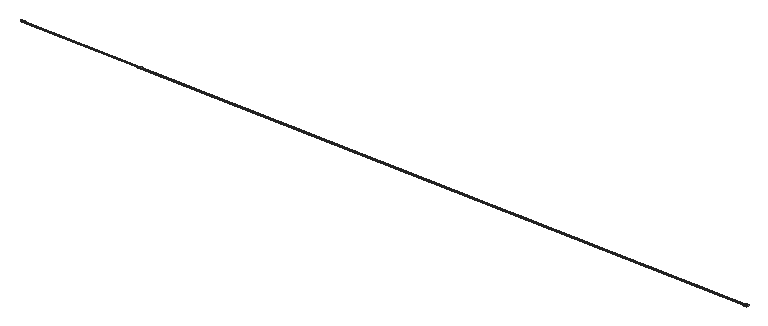
Revit family "Flex Pro IP65_0068179-82", category Lighting Fixtures, host Face, Revit 2017
Family settings
  Host = Face
  Round Connector Dimension = Use Diameter
  Part Type = Normal
  OmniClass Number = 23.80.70.00
  OmniClass Title = Lighting
  Cut with Voids When Loaded = No
  Light Source = Yes
  Shared = No
  Room Calculation Point = No
Parameters (values of type "0068181 FLEX PRO IP65 4800LM 940")
  Weight = "2.0 kg"
  Wattage Comments = ""
  Wattage = 48 W
  WarrantyStartDate [instance] = "n/a"
  WarrantyGuarantorParts = "n/a"
  WarrantyDurationUnit = "n/a"
  WarrantyDurationParts = "n/a"
  WarrantyDescription = "n/a"
  built-in parameter 1150110 = 1 (stored number, unit not read)
  Voltage = 0 V
  URL = "http://www.sylvania-lighting.com"
  TypeName = "Flex Pro IP65 4800lm 940"
  Type Image = <None>
  Type Comments = "n/a"
  built-in parameter 1114217 = 1 (stored number, unit not read)
  Tilt Angle = -90.00°
  built-in parameter 1150109 = 1 (stored number, unit not read)
  built-in parameter 1150134 = 12
  built-in parameter 1150113 = 1 (stored number, unit not read)
  SerialNumber [instance] = "n/a"
  Photometric Web File = "0068181.ies"
  PHOTOMETRY3_SYL = 0 mm
  PHOTOMETRY2_SYL = LUM_WIDTH_SYL  # 5 mm
  PHOTOMETRY1_SYL = LUM_LENGHT_SYL / 2  # 2500 mm
  Material_3_SYL = Default New Material(1)
  PowerFactor = 0
  PowerConsumption = "48 W"
  NominalLength = 5000 mm
  NominalHeight = 4 mm
  NominalDepth = 12 mm
  Name = "Flex Pro IP65 4800lm 940"
  ModelReference = Name  # "Flex Pro IP65 4800lm 940"
  ModelNumber = "0068181"
  Model = Name  # "Flex Pro IP65 4800lm 940"
  Material = "other housing"
  ManufacturerName = "Feilo Sylvania"
  Manufacturer = "Feilo Sylvania"
  LuminousEfficacy = "100 lm/W"
  built-in parameter 1150105 = 381.97 (stored number, unit not read)
  Lumens = 4800 lm
  LuminaireType = ""
  built-in parameter 1150115 = 1 (stored number, unit not read)
  LightOutputRatio = "n/a"
  built-in parameter 1150137 = (empty or 0)
  built-in parameter 1150139 = (empty or 0)
  LampsType = Lamp  # "LED"
  LampNominalLuminous = "4800 lm"
  LampMacAdamStep = "n/a"
  LampColourTemperature = "4000 K"
  LampColourRenderingIndex = "90"
  built-in parameter 1150112 = 1 (stored number, unit not read)
  built-in parameter 1150114 = 1 (stored number, unit not read)
  Lamp = "LED"
  LUM_WIDTH_SYL = 5 mm
  LUM_LENGHT_SYL!!!! = "MUST BE DIVISIBLE WITH 50"
  LUM_LENGHT_SYL = 5000 mm  # constant formula
  LED_CH_S_WIDTH_SYL = 1.5 mm
  LED_CH_S_DEPTH2_SYL = 1 mm
  LED_CH_S_DEPTH1_SYL = 1.1 mm
  LED_CH_L_WIDTH_SYL = 1.7 mm
  LED_CH_L_DIST_SYL = 8.3 mm
  LED_CH_L_DIST1_SYL = 6 mm
  LED_CH_L_DEPTH_SYL = 1.4 mm
  Keynote = "16500"
  InstallationDate [instance] = "n/a"
  InputVoltage = "n/a"
  InputNominalFrequency = "n/a"
  built-in parameter 1150132 = (empty or 0)
  built-in parameter 1150102 = (empty or 0)
  built-in parameter 1150107 = 4000 (stored number, unit not read)
  built-in parameter 1150138 = (empty or 0)
  IngressProtection = "IP65"
  ImpactProtectionIndex = "IK00"
  built-in parameter 1150106 = 3.8197 (stored number, unit not read)
  IfcExportType = "IfcLightFixtureType"
  IfcExportAs = "IfcLightFixtureType"
  Emit from Circle Diameter = 609.6 mm
  Emit Shape Visible in Rendering = no
  ElectricShockClassification = "Class III"
  built-in parameter 1150104 = 9.2903 (stored number, unit not read)
  END_CAP_WIDTH_SYL = 7 mm
  END_CAP2_WIDTH_SYL = 10 mm
  DocumentationLiterature = "http://www.sylvania-lighting.com/product/en-int/products/0068181"
  DimmingControlOptions = "n/a"
  Material_2_SYL = Default New Material
  Dimming Lamp Color Temperature Shift = <None>
  Description = ""
  Default Elevation = 1219.2 mm
  CreatedOn = "10/16/2020"
  CreatedBy = "@sylvania-lighting.com"
  Cost = 0
  Color Filter = 16777215
  built-in parameter 1114216 [instance] = (empty or 0)
  ClassificationValue = "EF_70_80"
  ClassificationName = "Uniclass2015"
  Material_1_SYL = Default
  CABLE_LENGHT_SYL = 1000 mm
  CABLE_FIX_SYL = 1 mm
  CABLE_END_SYL = 15 mm
  CABLE_DIST_SYL = 1.5 mm
  CABLE_DIST2_SYL = 1.5 mm
  CABLE_BLEND_SYL = 15 mm
  BarCode [instance] = "n/a"
  built-in parameter 1114218 = 1 (stored number, unit not read)
  built-in parameter 1150133 = 10 (stored number, unit not read)
  AssetType = "Fixed"
  AssetIdentifier [instance] = "n/a"
  Assembly Code = "D5020200"
  Apparent Load = 48 VA
  Material_4_SYL = none
Reference planes
  plane 1 "Center (Front/Back)": y = 0
  plane 2: z = 0
  plane 3 "Center (Left/Right)": x = 0
  plane 4: x = 5000
  plane 5: y = 5
  plane 6: y = -5
  plane 7: x = 1
  plane 8: x = -1000
  plane 9: x = -15
  plane 10: x = -985
  plane 11: y = 1.5
  plane 12: y = -1.5
  plane 13: y = 3.5
  plane 14: y = -3.5
  plane 15: y = 1.7
  plane 16: y = -1.7
  plane 17: y = 1.5
  plane 18: y = -1.5
  plane 19: x = 6
  plane 20: x = 14.3
  plane 21: x = 22.6
  plane 22: x = 30.9
  plane 23: x = 39.2
  plane 24: x = 47.5
  plane 25: x = 7.4
  plane 26: x = 4.6
  plane 27: x = 15.7
  plane 28: x = 12.9
  plane 29: x = 24
  plane 30: x = 21.2
  plane 31: x = 32.3
  plane 32: x = 29.5
  plane 33: x = 37.8
  plane 34: x = 40.6
  plane 35: x = 46.1
  plane 36: x = 48.9
  plane 37: x = 10.1
  plane 38: x = 18.4
  plane 39: x = 26.7
  plane 40: x = 35
  plane 41: x = 43.3
  plane 42: x = 9.1
  plane 43: x = 11.2
  plane 44: x = 17.4
  plane 45: x = 19.5
  plane 46: x = 44.4
  plane 47: x = 42.3
  plane 48: x = 36.1
  plane 49: x = 34
  plane 50: y = 7
  plane 51: y = -7
  plane 52: x = 5010
  plane 53: y = -6
  plane 54: y = 6
Forms (mm)
  Extrusion 1, solid, material "Default New Material" <- "Material_2_SYL"
    sketch origin (0, 0, 0) x (1, 0, 0) y (0, 1, 0)
      loop
        line (0, 5) -> (0, -5) -> (5000, -5) -> (5000, 5) -> (0, 5)
    from -0.9 to -1.2
  Sweep 2, solid, material "Default" <- "Material_1_SYL"
    path origin (0, 0, 0) x (1, 0, 0) y (0, 1, 0)
      loop
        line (-15, 1.5) -> (-985, 1.5)
    profile origin (-500, 1.5, 0) x (0, -1, 0) y (0, 0, 1)
      loop
        circle (0, 0) r 1.399
  Sweep 3, solid, material "Default" <- "Material_1_SYL"
    path origin (0, 0, 0) x (1, 0, 0) y (0, 1, 0)
      loop
        line (-15, -1.5) -> (-985, -1.5)
    profile origin (-500, -1.5, 0) x (0, -1, 0) y (0, 0, 1)
      loop
        circle (0, 0) r 1.353
  Revolve 4, solid
    sketch origin (0, 0, 0) x (1, 0, 0) y (0, 1, 0)
      loop
        line (-985, 1.5) -> (-985, 2.444) -> (-1000, 2.444) -> (-1000, 1.5) -> (-985, 1.5)
      axis (-985, 1.5) -> (-1000, 1.5)
    angle from 360 to 0
  Revolve 5, solid
    sketch origin (0, 0, 0) x (1, 0, 0) y (0, 1, 0)
      loop
        line (-985, -1.5) -> (-1000, -1.5) -> (-1000, -2.423) -> (-985, -2.423) -> (-985, -1.5)
      axis (-985, -1.5) -> (-1000, -1.5)
    angle from 360 to 0
  Extrusion 6, solid
    sketch origin (0, 0, 0) x (1, 0, 0) y (0, 1, 0)
      loop
        line (7.4, -1.7) -> (7.4, 1.7) -> (4.6, 1.7) -> (4.6, -1.7) -> (7.4, -1.7)
      loop
        line (15.7, -1.7) -> (15.7, 1.7) -> (12.9, 1.7) -> (12.9, -1.7) -> (15.7, -1.7)
      loop
        line (21.2, 1.7) -> (21.2, -1.7) -> (24, -1.7) -> (24, 1.7) -> (21.2, 1.7)
      loop
        line (32.3, -1.7) -> (32.3, 1.7) -> (29.5, 1.7) -> (29.5, -1.7) -> (32.3, -1.7)
      loop
        line (40.6, -1.7) -> (40.6, 1.7) -> (37.8, 1.7) -> (37.8, -1.7) -> (40.6, -1.7)
      loop
        line (48.9, -1.7) -> (48.9, 1.7) -> (46.1, 1.7) -> (46.1, -1.7) -> (48.9, -1.7)
    from -1.2 to 0
  Extrusion 7, solid
    sketch origin (0, 0, 0) x (1, 0, 0) y (0, 1, 0)
      loop
        line (9.1, 1.5) -> (9.1, -1.5) -> (11.2, -1.5) -> (11.2, 1.5) -> (9.1, 1.5)
      loop
        line (17.4, 1.5) -> (17.4, -1.5) -> (19.5, -1.5) -> (19.5, 1.5) -> (17.4, 1.5)
      loop
        line (34, 1.5) -> (34, -1.5) -> (36.1, -1.5) -> (36.1, 1.5) -> (34, 1.5)
      loop
        line (42.3, 1.5) -> (42.3, -1.5) -> (44.4, -1.5) -> (44.4, 1.5) -> (42.3, 1.5)
    from -1.2 to -0.5
  Extrusion 8, solid
    sketch origin (4946.4, 0, 0) x (1, 0, 0) y (0, 1, 0)
      loop
        line (7.4, -1.7) -> (7.4, 1.7) -> (4.6, 1.7) -> (4.6, -1.7) -> (7.4, -1.7)
      loop
        line (15.7, -1.7) -> (15.7, 1.7) -> (12.9, 1.7) -> (12.9, -1.7) -> (15.7, -1.7)
      loop
        line (21.2, 1.7) -> (21.2, -1.7) -> (24, -1.7) -> (24, 1.7) -> (21.2, 1.7)
      loop
        line (32.3, -1.7) -> (32.3, 1.7) -> (29.5, 1.7) -> (29.5, -1.7) -> (32.3, -1.7)
      loop
        line (40.6, -1.7) -> (40.6, 1.7) -> (37.8, 1.7) -> (37.8, -1.7) -> (40.6, -1.7)
      loop
        line (48.9, -1.7) -> (48.9, 1.7) -> (46.1, 1.7) -> (46.1, -1.7) -> (48.9, -1.7)
    from -1.2 to 0
  Extrusion 9, solid
    sketch origin (49.964, 0, 0) x (1, 0, 0) y (0, 1, 0)
      loop
        line (7.4, -1.7) -> (7.4, 1.7) -> (4.6, 1.7) -> (4.6, -1.7) -> (7.4, -1.7)
      loop
        line (15.7, -1.7) -> (15.7, 1.7) -> (12.9, 1.7) -> (12.9, -1.7) -> (15.7, -1.7)
      loop
        line (21.2, 1.7) -> (21.2, -1.7) -> (24, -1.7) -> (24, 1.7) -> (21.2, 1.7)
      loop
        line (32.3, -1.7) -> (32.3, 1.7) -> (29.5, 1.7) -> (29.5, -1.7) -> (32.3, -1.7)
      loop
        line (40.6, -1.7) -> (40.6, 1.7) -> (37.8, 1.7) -> (37.8, -1.7) -> (40.6, -1.7)
      loop
        line (48.9, -1.7) -> (48.9, 1.7) -> (46.1, 1.7) -> (46.1, -1.7) -> (48.9, -1.7)
    from -1.2 to 0
  Extrusion 10, solid
    sketch origin (99.927, 0, 0) x (1, 0, 0) y (0, 1, 0)
      loop
        line (7.4, -1.7) -> (7.4, 1.7) -> (4.6, 1.7) -> (4.6, -1.7) -> (7.4, -1.7)
      loop
        line (15.7, -1.7) -> (15.7, 1.7) -> (12.9, 1.7) -> (12.9, -1.7) -> (15.7, -1.7)
      loop
        line (21.2, 1.7) -> (21.2, -1.7) -> (24, -1.7) -> (24, 1.7) -> (21.2, 1.7)
      loop
        line (32.3, -1.7) -> (32.3, 1.7) -> (29.5, 1.7) -> (29.5, -1.7) -> (32.3, -1.7)
      loop
        line (40.6, -1.7) -> (40.6, 1.7) -> (37.8, 1.7) -> (37.8, -1.7) -> (40.6, -1.7)
      loop
        line (48.9, -1.7) -> (48.9, 1.7) -> (46.1, 1.7) -> (46.1, -1.7) -> (48.9, -1.7)
    from -1.2 to 0
  Extrusion 11, solid
    sketch origin (149.891, 0, 0) x (1, 0, 0) y (0, 1, 0)
      loop
        line (7.4, -1.7) -> (7.4, 1.7) -> (4.6, 1.7) -> (4.6, -1.7) -> (7.4, -1.7)
      loop
        line (15.7, -1.7) -> (15.7, 1.7) -> (12.9, 1.7) -> (12.9, -1.7) -> (15.7, -1.7)
      loop
        line (21.2, 1.7) -> (21.2, -1.7) -> (24, -1.7) -> (24, 1.7) -> (21.2, 1.7)
      loop
        line (32.3, -1.7) -> (32.3, 1.7) -> (29.5, 1.7) -> (29.5, -1.7) -> (32.3, -1.7)
      loop
        line (40.6, -1.7) -> (40.6, 1.7) -> (37.8, 1.7) -> (37.8, -1.7) -> (40.6, -1.7)
      loop
        line (48.9, -1.7) -> (48.9, 1.7) -> (46.1, 1.7) -> (46.1, -1.7) -> (48.9, -1.7)
    from -1.2 to 0
  Extrusion 12, solid
    sketch origin (199.855, 0, 0) x (1, 0, 0) y (0, 1, 0)
      loop
        line (7.4, -1.7) -> (7.4, 1.7) -> (4.6, 1.7) -> (4.6, -1.7) -> (7.4, -1.7)
      loop
        line (15.7, -1.7) -> (15.7, 1.7) -> (12.9, 1.7) -> (12.9, -1.7) -> (15.7, -1.7)
      loop
        line (21.2, 1.7) -> (21.2, -1.7) -> (24, -1.7) -> (24, 1.7) -> (21.2, 1.7)
      loop
        line (32.3, -1.7) -> (32.3, 1.7) -> (29.5, 1.7) -> (29.5, -1.7) -> (32.3, -1.7)
      loop
        line (40.6, -1.7) -> (40.6, 1.7) -> (37.8, 1.7) -> (37.8, -1.7) -> (40.6, -1.7)
      loop
        line (48.9, -1.7) -> (48.9, 1.7) -> (46.1, 1.7) -> (46.1, -1.7) -> (48.9, -1.7)
    from -1.2 to 0
  Extrusion 13, solid
    sketch origin (249.818, 0, 0) x (1, 0, 0) y (0, 1, 0)
      loop
        line (7.4, -1.7) -> (7.4, 1.7) -> (4.6, 1.7) -> (4.6, -1.7) -> (7.4, -1.7)
      loop
        line (15.7, -1.7) -> (15.7, 1.7) -> (12.9, 1.7) -> (12.9, -1.7) -> (15.7, -1.7)
      loop
        line (21.2, 1.7) -> (21.2, -1.7) -> (24, -1.7) -> (24, 1.7) -> (21.2, 1.7)
      loop
        line (32.3, -1.7) -> (32.3, 1.7) -> (29.5, 1.7) -> (29.5, -1.7) -> (32.3, -1.7)
      loop
        line (40.6, -1.7) -> (40.6, 1.7) -> (37.8, 1.7) -> (37.8, -1.7) -> (40.6, -1.7)
      loop
        line (48.9, -1.7) -> (48.9, 1.7) -> (46.1, 1.7) -> (46.1, -1.7) -> (48.9, -1.7)
    from -1.2 to 0
  Extrusion 14, solid
    sketch origin (299.782, 0, 0) x (1, 0, 0) y (0, 1, 0)
      loop
        line (7.4, -1.7) -> (7.4, 1.7) -> (4.6, 1.7) -> (4.6, -1.7) -> (7.4, -1.7)
      loop
        line (15.7, -1.7) -> (15.7, 1.7) -> (12.9, 1.7) -> (12.9, -1.7) -> (15.7, -1.7)
      loop
        line (21.2, 1.7) -> (21.2, -1.7) -> (24, -1.7) -> (24, 1.7) -> (21.2, 1.7)
      loop
        line (32.3, -1.7) -> (32.3, 1.7) -> (29.5, 1.7) -> (29.5, -1.7) -> (32.3, -1.7)
      loop
        line (40.6, -1.7) -> (40.6, 1.7) -> (37.8, 1.7) -> (37.8, -1.7) -> (40.6, -1.7)
      loop
        line (48.9, -1.7) -> (48.9, 1.7) -> (46.1, 1.7) -> (46.1, -1.7) -> (48.9, -1.7)
    from -1.2 to 0
  Extrusion 15, solid
    sketch origin (349.745, 0, 0) x (1, 0, 0) y (0, 1, 0)
      loop
        line (7.4, -1.7) -> (7.4, 1.7) -> (4.6, 1.7) -> (4.6, -1.7) -> (7.4, -1.7)
      loop
        line (15.7, -1.7) -> (15.7, 1.7) -> (12.9, 1.7) -> (12.9, -1.7) -> (15.7, -1.7)
      loop
        line (21.2, 1.7) -> (21.2, -1.7) -> (24, -1.7) -> (24, 1.7) -> (21.2, 1.7)
      loop
        line (32.3, -1.7) -> (32.3, 1.7) -> (29.5, 1.7) -> (29.5, -1.7) -> (32.3, -1.7)
      loop
        line (40.6, -1.7) -> (40.6, 1.7) -> (37.8, 1.7) -> (37.8, -1.7) -> (40.6, -1.7)
      loop
        line (48.9, -1.7) -> (48.9, 1.7) -> (46.1, 1.7) -> (46.1, -1.7) -> (48.9, -1.7)
    from -1.2 to 0
  Extrusion 16, solid
    sketch origin (399.709, 0, 0) x (1, 0, 0) y (0, 1, 0)
      loop
        line (7.4, -1.7) -> (7.4, 1.7) -> (4.6, 1.7) -> (4.6, -1.7) -> (7.4, -1.7)
      loop
        line (15.7, -1.7) -> (15.7, 1.7) -> (12.9, 1.7) -> (12.9, -1.7) -> (15.7, -1.7)
      loop
        line (21.2, 1.7) -> (21.2, -1.7) -> (24, -1.7) -> (24, 1.7) -> (21.2, 1.7)
      loop
        line (32.3, -1.7) -> (32.3, 1.7) -> (29.5, 1.7) -> (29.5, -1.7) -> (32.3, -1.7)
      loop
        line (40.6, -1.7) -> (40.6, 1.7) -> (37.8, 1.7) -> (37.8, -1.7) -> (40.6, -1.7)
      loop
        line (48.9, -1.7) -> (48.9, 1.7) -> (46.1, 1.7) -> (46.1, -1.7) -> (48.9, -1.7)
    from -1.2 to 0
  Extrusion 17, solid
    sketch origin (449.673, 0, 0) x (1, 0, 0) y (0, 1, 0)
      loop
        line (7.4, -1.7) -> (7.4, 1.7) -> (4.6, 1.7) -> (4.6, -1.7) -> (7.4, -1.7)
      loop
        line (15.7, -1.7) -> (15.7, 1.7) -> (12.9, 1.7) -> (12.9, -1.7) -> (15.7, -1.7)
      loop
        line (21.2, 1.7) -> (21.2, -1.7) -> (24, -1.7) -> (24, 1.7) -> (21.2, 1.7)
      loop
        line (32.3, -1.7) -> (32.3, 1.7) -> (29.5, 1.7) -> (29.5, -1.7) -> (32.3, -1.7)
      loop
        line (40.6, -1.7) -> (40.6, 1.7) -> (37.8, 1.7) -> (37.8, -1.7) -> (40.6, -1.7)
      loop
        line (48.9, -1.7) -> (48.9, 1.7) -> (46.1, 1.7) -> (46.1, -1.7) -> (48.9, -1.7)
    from -1.2 to 0
  Extrusion 18, solid
    sketch origin (499.636, 0, 0) x (1, 0, 0) y (0, 1, 0)
      loop
        line (7.4, -1.7) -> (7.4, 1.7) -> (4.6, 1.7) -> (4.6, -1.7) -> (7.4, -1.7)
      loop
        line (15.7, -1.7) -> (15.7, 1.7) -> (12.9, 1.7) -> (12.9, -1.7) -> (15.7, -1.7)
      loop
        line (21.2, 1.7) -> (21.2, -1.7) -> (24, -1.7) -> (24, 1.7) -> (21.2, 1.7)
      loop
        line (32.3, -1.7) -> (32.3, 1.7) -> (29.5, 1.7) -> (29.5, -1.7) -> (32.3, -1.7)
      loop
        line (40.6, -1.7) -> (40.6, 1.7) -> (37.8, 1.7) -> (37.8, -1.7) -> (40.6, -1.7)
      loop
        line (48.9, -1.7) -> (48.9, 1.7) -> (46.1, 1.7) -> (46.1, -1.7) -> (48.9, -1.7)
    from -1.2 to 0
  Extrusion 19, solid
    sketch origin (549.6, 0, 0) x (1, 0, 0) y (0, 1, 0)
      loop
        line (7.4, -1.7) -> (7.4, 1.7) -> (4.6, 1.7) -> (4.6, -1.7) -> (7.4, -1.7)
      loop
        line (15.7, -1.7) -> (15.7, 1.7) -> (12.9, 1.7) -> (12.9, -1.7) -> (15.7, -1.7)
      loop
        line (21.2, 1.7) -> (21.2, -1.7) -> (24, -1.7) -> (24, 1.7) -> (21.2, 1.7)
      loop
        line (32.3, -1.7) -> (32.3, 1.7) -> (29.5, 1.7) -> (29.5, -1.7) -> (32.3, -1.7)
      loop
        line (40.6, -1.7) -> (40.6, 1.7) -> (37.8, 1.7) -> (37.8, -1.7) -> (40.6, -1.7)
      loop
        line (48.9, -1.7) -> (48.9, 1.7) -> (46.1, 1.7) -> (46.1, -1.7) -> (48.9, -1.7)
    from -1.2 to 0
  Extrusion 20, solid
    sketch origin (599.564, 0, 0) x (1, 0, 0) y (0, 1, 0)
      loop
        line (7.4, -1.7) -> (7.4, 1.7) -> (4.6, 1.7) -> (4.6, -1.7) -> (7.4, -1.7)
      loop
        line (15.7, -1.7) -> (15.7, 1.7) -> (12.9, 1.7) -> (12.9, -1.7) -> (15.7, -1.7)
      loop
        line (21.2, 1.7) -> (21.2, -1.7) -> (24, -1.7) -> (24, 1.7) -> (21.2, 1.7)
      loop
        line (32.3, -1.7) -> (32.3, 1.7) -> (29.5, 1.7) -> (29.5, -1.7) -> (32.3, -1.7)
      loop
        line (40.6, -1.7) -> (40.6, 1.7) -> (37.8, 1.7) -> (37.8, -1.7) -> (40.6, -1.7)
      loop
        line (48.9, -1.7) -> (48.9, 1.7) -> (46.1, 1.7) -> (46.1, -1.7) -> (48.9, -1.7)
    from -1.2 to 0
  Extrusion 21, solid
    sketch origin (649.527, 0, 0) x (1, 0, 0) y (0, 1, 0)
      loop
        line (7.4, -1.7) -> (7.4, 1.7) -> (4.6, 1.7) -> (4.6, -1.7) -> (7.4, -1.7)
      loop
        line (15.7, -1.7) -> (15.7, 1.7) -> (12.9, 1.7) -> (12.9, -1.7) -> (15.7, -1.7)
      loop
        line (21.2, 1.7) -> (21.2, -1.7) -> (24, -1.7) -> (24, 1.7) -> (21.2, 1.7)
      loop
        line (32.3, -1.7) -> (32.3, 1.7) -> (29.5, 1.7) -> (29.5, -1.7) -> (32.3, -1.7)
      loop
        line (40.6, -1.7) -> (40.6, 1.7) -> (37.8, 1.7) -> (37.8, -1.7) -> (40.6, -1.7)
      loop
        line (48.9, -1.7) -> (48.9, 1.7) -> (46.1, 1.7) -> (46.1, -1.7) -> (48.9, -1.7)
    from -1.2 to 0
  Extrusion 22, solid
    sketch origin (699.491, 0, 0) x (1, 0, 0) y (0, 1, 0)
      loop
        line (7.4, -1.7) -> (7.4, 1.7) -> (4.6, 1.7) -> (4.6, -1.7) -> (7.4, -1.7)
      loop
        line (15.7, -1.7) -> (15.7, 1.7) -> (12.9, 1.7) -> (12.9, -1.7) -> (15.7, -1.7)
      loop
        line (21.2, 1.7) -> (21.2, -1.7) -> (24, -1.7) -> (24, 1.7) -> (21.2, 1.7)
      loop
        line (32.3, -1.7) -> (32.3, 1.7) -> (29.5, 1.7) -> (29.5, -1.7) -> (32.3, -1.7)
      loop
        line (40.6, -1.7) -> (40.6, 1.7) -> (37.8, 1.7) -> (37.8, -1.7) -> (40.6, -1.7)
      loop
        line (48.9, -1.7) -> (48.9, 1.7) -> (46.1, 1.7) -> (46.1, -1.7) -> (48.9, -1.7)
    from -1.2 to 0
  Extrusion 23, solid
    sketch origin (749.455, 0, 0) x (1, 0, 0) y (0, 1, 0)
      loop
        line (7.4, -1.7) -> (7.4, 1.7) -> (4.6, 1.7) -> (4.6, -1.7) -> (7.4, -1.7)
      loop
        line (15.7, -1.7) -> (15.7, 1.7) -> (12.9, 1.7) -> (12.9, -1.7) -> (15.7, -1.7)
      loop
        line (21.2, 1.7) -> (21.2, -1.7) -> (24, -1.7) -> (24, 1.7) -> (21.2, 1.7)
      loop
        line (32.3, -1.7) -> (32.3, 1.7) -> (29.5, 1.7) -> (29.5, -1.7) -> (32.3, -1.7)
      loop
        line (40.6, -1.7) -> (40.6, 1.7) -> (37.8, 1.7) -> (37.8, -1.7) -> (40.6, -1.7)
      loop
        line (48.9, -1.7) -> (48.9, 1.7) -> (46.1, 1.7) -> (46.1, -1.7) -> (48.9, -1.7)
    from -1.2 to 0
  Extrusion 24, solid
    sketch origin (799.418, 0, 0) x (1, 0, 0) y (0, 1, 0)
      loop
        line (7.4, -1.7) -> (7.4, 1.7) -> (4.6, 1.7) -> (4.6, -1.7) -> (7.4, -1.7)
      loop
        line (15.7, -1.7) -> (15.7, 1.7) -> (12.9, 1.7) -> (12.9, -1.7) -> (15.7, -1.7)
      loop
        line (21.2, 1.7) -> (21.2, -1.7) -> (24, -1.7) -> (24, 1.7) -> (21.2, 1.7)
      loop
        line (32.3, -1.7) -> (32.3, 1.7) -> (29.5, 1.7) -> (29.5, -1.7) -> (32.3, -1.7)
      loop
        line (40.6, -1.7) -> (40.6, 1.7) -> (37.8, 1.7) -> (37.8, -1.7) -> (40.6, -1.7)
      loop
        line (48.9, -1.7) -> (48.9, 1.7) -> (46.1, 1.7) -> (46.1, -1.7) -> (48.9, -1.7)
    from -1.2 to 0
  Extrusion 25, solid
    sketch origin (849.382, 0, 0) x (1, 0, 0) y (0, 1, 0)
      loop
        line (7.4, -1.7) -> (7.4, 1.7) -> (4.6, 1.7) -> (4.6, -1.7) -> (7.4, -1.7)
      loop
        line (15.7, -1.7) -> (15.7, 1.7) -> (12.9, 1.7) -> (12.9, -1.7) -> (15.7, -1.7)
      loop
        line (21.2, 1.7) -> (21.2, -1.7) -> (24, -1.7) -> (24, 1.7) -> (21.2, 1.7)
      loop
        line (32.3, -1.7) -> (32.3, 1.7) -> (29.5, 1.7) -> (29.5, -1.7) -> (32.3, -1.7)
      loop
        line (40.6, -1.7) -> (40.6, 1.7) -> (37.8, 1.7) -> (37.8, -1.7) -> (40.6, -1.7)
      loop
        line (48.9, -1.7) -> (48.9, 1.7) -> (46.1, 1.7) -> (46.1, -1.7) -> (48.9, -1.7)
    from -1.2 to 0
  Extrusion 26, solid
    sketch origin (899.345, 0, 0) x (1, 0, 0) y (0, 1, 0)
      loop
        line (7.4, -1.7) -> (7.4, 1.7) -> (4.6, 1.7) -> (4.6, -1.7) -> (7.4, -1.7)
      loop
        line (15.7, -1.7) -> (15.7, 1.7) -> (12.9, 1.7) -> (12.9, -1.7) -> (15.7, -1.7)
      loop
        line (21.2, 1.7) -> (21.2, -1.7) -> (24, -1.7) -> (24, 1.7) -> (21.2, 1.7)
      loop
        line (32.3, -1.7) -> (32.3, 1.7) -> (29.5, 1.7) -> (29.5, -1.7) -> (32.3, -1.7)
      loop
        line (40.6, -1.7) -> (40.6, 1.7) -> (37.8, 1.7) -> (37.8, -1.7) -> (40.6, -1.7)
      loop
        line (48.9, -1.7) -> (48.9, 1.7) -> (46.1, 1.7) -> (46.1, -1.7) -> (48.9, -1.7)
    from -1.2 to 0
  Extrusion 27, solid
    sketch origin (949.309, 0, 0) x (1, 0, 0) y (0, 1, 0)
      loop
        line (7.4, -1.7) -> (7.4, 1.7) -> (4.6, 1.7) -> (4.6, -1.7) -> (7.4, -1.7)
      loop
        line (15.7, -1.7) -> (15.7, 1.7) -> (12.9, 1.7) -> (12.9, -1.7) -> (15.7, -1.7)
      loop
        line (21.2, 1.7) -> (21.2, -1.7) -> (24, -1.7) -> (24, 1.7) -> (21.2, 1.7)
      loop
        line (32.3, -1.7) -> (32.3, 1.7) -> (29.5, 1.7) -> (29.5, -1.7) -> (32.3, -1.7)
      loop
        line (40.6, -1.7) -> (40.6, 1.7) -> (37.8, 1.7) -> (37.8, -1.7) -> (40.6, -1.7)
      loop
        line (48.9, -1.7) -> (48.9, 1.7) -> (46.1, 1.7) -> (46.1, -1.7) -> (48.9, -1.7)
    from -1.2 to 0
  Extrusion 28, solid
    sketch origin (999.273, 0, 0) x (1, 0, 0) y (0, 1, 0)
      loop
        line (7.4, -1.7) -> (7.4, 1.7) -> (4.6, 1.7) -> (4.6, -1.7) -> (7.4, -1.7)
      loop
        line (15.7, -1.7) -> (15.7, 1.7) -> (12.9, 1.7) -> (12.9, -1.7) -> (15.7, -1.7)
      loop
        line (21.2, 1.7) -> (21.2, -1.7) -> (24, -1.7) -> (24, 1.7) -> (21.2, 1.7)
      loop
        line (32.3, -1.7) -> (32.3, 1.7) -> (29.5, 1.7) -> (29.5, -1.7) -> (32.3, -1.7)
      loop
        line (40.6, -1.7) -> (40.6, 1.7) -> (37.8, 1.7) -> (37.8, -1.7) -> (40.6, -1.7)
      loop
        line (48.9, -1.7) -> (48.9, 1.7) -> (46.1, 1.7) -> (46.1, -1.7) -> (48.9, -1.7)
    from -1.2 to 0
  Extrusion 29, solid
    sketch origin (1049.236, 0, 0) x (1, 0, 0) y (0, 1, 0)
      loop
        line (7.4, -1.7) -> (7.4, 1.7) -> (4.6, 1.7) -> (4.6, -1.7) -> (7.4, -1.7)
      loop
        line (15.7, -1.7) -> (15.7, 1.7) -> (12.9, 1.7) -> (12.9, -1.7) -> (15.7, -1.7)
      loop
        line (21.2, 1.7) -> (21.2, -1.7) -> (24, -1.7) -> (24, 1.7) -> (21.2, 1.7)
      loop
        line (32.3, -1.7) -> (32.3, 1.7) -> (29.5, 1.7) -> (29.5, -1.7) -> (32.3, -1.7)
      loop
        line (40.6, -1.7) -> (40.6, 1.7) -> (37.8, 1.7) -> (37.8, -1.7) -> (40.6, -1.7)
      loop
        line (48.9, -1.7) -> (48.9, 1.7) -> (46.1, 1.7) -> (46.1, -1.7) -> (48.9, -1.7)
    from -1.2 to 0
  Extrusion 30, solid
    sketch origin (1099.2, 0, 0) x (1, 0, 0) y (0, 1, 0)
      loop
        line (7.4, -1.7) -> (7.4, 1.7) -> (4.6, 1.7) -> (4.6, -1.7) -> (7.4, -1.7)
      loop
        line (15.7, -1.7) -> (15.7, 1.7) -> (12.9, 1.7) -> (12.9, -1.7) -> (15.7, -1.7)
      loop
        line (21.2, 1.7) -> (21.2, -1.7) -> (24, -1.7) -> (24, 1.7) -> (21.2, 1.7)
      loop
        line (32.3, -1.7) -> (32.3, 1.7) -> (29.5, 1.7) -> (29.5, -1.7) -> (32.3, -1.7)
      loop
        line (40.6, -1.7) -> (40.6, 1.7) -> (37.8, 1.7) -> (37.8, -1.7) -> (40.6, -1.7)
      loop
        line (48.9, -1.7) -> (48.9, 1.7) -> (46.1, 1.7) -> (46.1, -1.7) -> (48.9, -1.7)
    from -1.2 to 0
  Extrusion 31, solid
    sketch origin (1149.164, 0, 0) x (1, 0, 0) y (0, 1, 0)
      loop
        line (7.4, -1.7) -> (7.4, 1.7) -> (4.6, 1.7) -> (4.6, -1.7) -> (7.4, -1.7)
      loop
        line (15.7, -1.7) -> (15.7, 1.7) -> (12.9, 1.7) -> (12.9, -1.7) -> (15.7, -1.7)
      loop
        line (21.2, 1.7) -> (21.2, -1.7) -> (24, -1.7) -> (24, 1.7) -> (21.2, 1.7)
      loop
        line (32.3, -1.7) -> (32.3, 1.7) -> (29.5, 1.7) -> (29.5, -1.7) -> (32.3, -1.7)
      loop
        line (40.6, -1.7) -> (40.6, 1.7) -> (37.8, 1.7) -> (37.8, -1.7) -> (40.6, -1.7)
      loop
        line (48.9, -1.7) -> (48.9, 1.7) -> (46.1, 1.7) -> (46.1, -1.7) -> (48.9, -1.7)
    from -1.2 to 0
  Extrusion 32, solid
    sketch origin (1199.127, 0, 0) x (1, 0, 0) y (0, 1, 0)
      loop
        line (7.4, -1.7) -> (7.4, 1.7) -> (4.6, 1.7) -> (4.6, -1.7) -> (7.4, -1.7)
      loop
        line (15.7, -1.7) -> (15.7, 1.7) -> (12.9, 1.7) -> (12.9, -1.7) -> (15.7, -1.7)
      loop
        line (21.2, 1.7) -> (21.2, -1.7) -> (24, -1.7) -> (24, 1.7) -> (21.2, 1.7)
      loop
        line (32.3, -1.7) -> (32.3, 1.7) -> (29.5, 1.7) -> (29.5, -1.7) -> (32.3, -1.7)
      loop
        line (40.6, -1.7) -> (40.6, 1.7) -> (37.8, 1.7) -> (37.8, -1.7) -> (40.6, -1.7)
      loop
        line (48.9, -1.7) -> (48.9, 1.7) -> (46.1, 1.7) -> (46.1, -1.7) -> (48.9, -1.7)
    from -1.2 to 0
  Extrusion 33, solid
    sketch origin (1249.091, 0, 0) x (1, 0, 0) y (0, 1, 0)
      loop
        line (7.4, -1.7) -> (7.4, 1.7) -> (4.6, 1.7) -> (4.6, -1.7) -> (7.4, -1.7)
      loop
        line (15.7, -1.7) -> (15.7, 1.7) -> (12.9, 1.7) -> (12.9, -1.7) -> (15.7, -1.7)
      loop
        line (21.2, 1.7) -> (21.2, -1.7) -> (24, -1.7) -> (24, 1.7) -> (21.2, 1.7)
      loop
        line (32.3, -1.7) -> (32.3, 1.7) -> (29.5, 1.7) -> (29.5, -1.7) -> (32.3, -1.7)
      loop
        line (40.6, -1.7) -> (40.6, 1.7) -> (37.8, 1.7) -> (37.8, -1.7) -> (40.6, -1.7)
      loop
        line (48.9, -1.7) -> (48.9, 1.7) -> (46.1, 1.7) -> (46.1, -1.7) -> (48.9, -1.7)
    from -1.2 to 0
  Extrusion 34, solid
    sketch origin (1299.055, 0, 0) x (1, 0, 0) y (0, 1, 0)
      loop
        line (7.4, -1.7) -> (7.4, 1.7) -> (4.6, 1.7) -> (4.6, -1.7) -> (7.4, -1.7)
      loop
        line (15.7, -1.7) -> (15.7, 1.7) -> (12.9, 1.7) -> (12.9, -1.7) -> (15.7, -1.7)
      loop
        line (21.2, 1.7) -> (21.2, -1.7) -> (24, -1.7) -> (24, 1.7) -> (21.2, 1.7)
      loop
        line (32.3, -1.7) -> (32.3, 1.7) -> (29.5, 1.7) -> (29.5, -1.7) -> (32.3, -1.7)
      loop
        line (40.6, -1.7) -> (40.6, 1.7) -> (37.8, 1.7) -> (37.8, -1.7) -> (40.6, -1.7)
      loop
        line (48.9, -1.7) -> (48.9, 1.7) -> (46.1, 1.7) -> (46.1, -1.7) -> (48.9, -1.7)
    from -1.2 to 0
  Extrusion 35, solid
    sketch origin (1349.018, 0, 0) x (1, 0, 0) y (0, 1, 0)
      loop
        line (7.4, -1.7) -> (7.4, 1.7) -> (4.6, 1.7) -> (4.6, -1.7) -> (7.4, -1.7)
      loop
        line (15.7, -1.7) -> (15.7, 1.7) -> (12.9, 1.7) -> (12.9, -1.7) -> (15.7, -1.7)
      loop
        line (21.2, 1.7) -> (21.2, -1.7) -> (24, -1.7) -> (24, 1.7) -> (21.2, 1.7)
      loop
        line (32.3, -1.7) -> (32.3, 1.7) -> (29.5, 1.7) -> (29.5, -1.7) -> (32.3, -1.7)
      loop
        line (40.6, -1.7) -> (40.6, 1.7) -> (37.8, 1.7) -> (37.8, -1.7) -> (40.6, -1.7)
      loop
        line (48.9, -1.7) -> (48.9, 1.7) -> (46.1, 1.7) -> (46.1, -1.7) -> (48.9, -1.7)
    from -1.2 to 0
  Extrusion 36, solid
    sketch origin (1398.982, 0, 0) x (1, 0, 0) y (0, 1, 0)
      loop
        line (7.4, -1.7) -> (7.4, 1.7) -> (4.6, 1.7) -> (4.6, -1.7) -> (7.4, -1.7)
      loop
        line (15.7, -1.7) -> (15.7, 1.7) -> (12.9, 1.7) -> (12.9, -1.7) -> (15.7, -1.7)
      loop
        line (21.2, 1.7) -> (21.2, -1.7) -> (24, -1.7) -> (24, 1.7) -> (21.2, 1.7)
      loop
        line (32.3, -1.7) -> (32.3, 1.7) -> (29.5, 1.7) -> (29.5, -1.7) -> (32.3, -1.7)
      loop
        line (40.6, -1.7) -> (40.6, 1.7) -> (37.8, 1.7) -> (37.8, -1.7) -> (40.6, -1.7)
      loop
        line (48.9, -1.7) -> (48.9, 1.7) -> (46.1, 1.7) -> (46.1, -1.7) -> (48.9, -1.7)
    from -1.2 to 0
  Extrusion 37, solid
    sketch origin (1448.945, 0, 0) x (1, 0, 0) y (0, 1, 0)
      loop
        line (7.4, -1.7) -> (7.4, 1.7) -> (4.6, 1.7) -> (4.6, -1.7) -> (7.4, -1.7)
      loop
        line (15.7, -1.7) -> (15.7, 1.7) -> (12.9, 1.7) -> (12.9, -1.7) -> (15.7, -1.7)
      loop
        line (21.2, 1.7) -> (21.2, -1.7) -> (24, -1.7) -> (24, 1.7) -> (21.2, 1.7)
      loop
        line (32.3, -1.7) -> (32.3, 1.7) -> (29.5, 1.7) -> (29.5, -1.7) -> (32.3, -1.7)
      loop
        line (40.6, -1.7) -> (40.6, 1.7) -> (37.8, 1.7) -> (37.8, -1.7) -> (40.6, -1.7)
      loop
        line (48.9, -1.7) -> (48.9, 1.7) -> (46.1, 1.7) -> (46.1, -1.7) -> (48.9, -1.7)
    from -1.2 to 0
  Extrusion 38, solid
    sketch origin (1498.909, 0, 0) x (1, 0, 0) y (0, 1, 0)
      loop
        line (7.4, -1.7) -> (7.4, 1.7) -> (4.6, 1.7) -> (4.6, -1.7) -> (7.4, -1.7)
      loop
        line (15.7, -1.7) -> (15.7, 1.7) -> (12.9, 1.7) -> (12.9, -1.7) -> (15.7, -1.7)
      loop
        line (21.2, 1.7) -> (21.2, -1.7) -> (24, -1.7) -> (24, 1.7) -> (21.2, 1.7)
      loop
        line (32.3, -1.7) -> (32.3, 1.7) -> (29.5, 1.7) -> (29.5, -1.7) -> (32.3, -1.7)
      loop
        line (40.6, -1.7) -> (40.6, 1.7) -> (37.8, 1.7) -> (37.8, -1.7) -> (40.6, -1.7)
      loop
        line (48.9, -1.7) -> (48.9, 1.7) -> (46.1, 1.7) -> (46.1, -1.7) -> (48.9, -1.7)
    from -1.2 to 0
  Extrusion 39, solid
    sketch origin (1548.873, 0, 0) x (1, 0, 0) y (0, 1, 0)
      loop
        line (7.4, -1.7) -> (7.4, 1.7) -> (4.6, 1.7) -> (4.6, -1.7) -> (7.4, -1.7)
      loop
        line (15.7, -1.7) -> (15.7, 1.7) -> (12.9, 1.7) -> (12.9, -1.7) -> (15.7, -1.7)
      loop
        line (21.2, 1.7) -> (21.2, -1.7) -> (24, -1.7) -> (24, 1.7) -> (21.2, 1.7)
      loop
        line (32.3, -1.7) -> (32.3, 1.7) -> (29.5, 1.7) -> (29.5, -1.7) -> (32.3, -1.7)
      loop
        line (40.6, -1.7) -> (40.6, 1.7) -> (37.8, 1.7) -> (37.8, -1.7) -> (40.6, -1.7)
      loop
        line (48.9, -1.7) -> (48.9, 1.7) -> (46.1, 1.7) -> (46.1, -1.7) -> (48.9, -1.7)
    from -1.2 to 0
  Extrusion 40, solid
    sketch origin (1598.836, 0, 0) x (1, 0, 0) y (0, 1, 0)
      loop
        line (7.4, -1.7) -> (7.4, 1.7) -> (4.6, 1.7) -> (4.6, -1.7) -> (7.4, -1.7)
      loop
        line (15.7, -1.7) -> (15.7, 1.7) -> (12.9, 1.7) -> (12.9, -1.7) -> (15.7, -1.7)
      loop
        line (21.2, 1.7) -> (21.2, -1.7) -> (24, -1.7) -> (24, 1.7) -> (21.2, 1.7)
      loop
        line (32.3, -1.7) -> (32.3, 1.7) -> (29.5, 1.7) -> (29.5, -1.7) -> (32.3, -1.7)
      loop
        line (40.6, -1.7) -> (40.6, 1.7) -> (37.8, 1.7) -> (37.8, -1.7) -> (40.6, -1.7)
      loop
        line (48.9, -1.7) -> (48.9, 1.7) -> (46.1, 1.7) -> (46.1, -1.7) -> (48.9, -1.7)
    from -1.2 to 0
  Extrusion 41, solid
    sketch origin (1648.8, 0, 0) x (1, 0, 0) y (0, 1, 0)
      loop
        line (7.4, -1.7) -> (7.4, 1.7) -> (4.6, 1.7) -> (4.6, -1.7) -> (7.4, -1.7)
      loop
        line (15.7, -1.7) -> (15.7, 1.7) -> (12.9, 1.7) -> (12.9, -1.7) -> (15.7, -1.7)
      loop
        line (21.2, 1.7) -> (21.2, -1.7) -> (24, -1.7) -> (24, 1.7) -> (21.2, 1.7)
      loop
        line (32.3, -1.7) -> (32.3, 1.7) -> (29.5, 1.7) -> (29.5, -1.7) -> (32.3, -1.7)
      loop
        line (40.6, -1.7) -> (40.6, 1.7) -> (37.8, 1.7) -> (37.8, -1.7) -> (40.6, -1.7)
      loop
        line (48.9, -1.7) -> (48.9, 1.7) -> (46.1, 1.7) -> (46.1, -1.7) -> (48.9, -1.7)
    from -1.2 to 0
  Extrusion 42, solid
    sketch origin (1698.764, 0, 0) x (1, 0, 0) y (0, 1, 0)
      loop
        line (7.4, -1.7) -> (7.4, 1.7) -> (4.6, 1.7) -> (4.6, -1.7) -> (7.4, -1.7)
      loop
        line (15.7, -1.7) -> (15.7, 1.7) -> (12.9, 1.7) -> (12.9, -1.7) -> (15.7, -1.7)
      loop
        line (21.2, 1.7) -> (21.2, -1.7) -> (24, -1.7) -> (24, 1.7) -> (21.2, 1.7)
      loop
        line (32.3, -1.7) -> (32.3, 1.7) -> (29.5, 1.7) -> (29.5, -1.7) -> (32.3, -1.7)
      loop
        line (40.6, -1.7) -> (40.6, 1.7) -> (37.8, 1.7) -> (37.8, -1.7) -> (40.6, -1.7)
      loop
        line (48.9, -1.7) -> (48.9, 1.7) -> (46.1, 1.7) -> (46.1, -1.7) -> (48.9, -1.7)
    from -1.2 to 0
  Extrusion 43, solid
    sketch origin (1748.727, 0, 0) x (1, 0, 0) y (0, 1, 0)
      loop
        line (7.4, -1.7) -> (7.4, 1.7) -> (4.6, 1.7) -> (4.6, -1.7) -> (7.4, -1.7)
      loop
        line (15.7, -1.7) -> (15.7, 1.7) -> (12.9, 1.7) -> (12.9, -1.7) -> (15.7, -1.7)
      loop
        line (21.2, 1.7) -> (21.2, -1.7) -> (24, -1.7) -> (24, 1.7) -> (21.2, 1.7)
      loop
        line (32.3, -1.7) -> (32.3, 1.7) -> (29.5, 1.7) -> (29.5, -1.7) -> (32.3, -1.7)
      loop
        line (40.6, -1.7) -> (40.6, 1.7) -> (37.8, 1.7) -> (37.8, -1.7) -> (40.6, -1.7)
      loop
        line (48.9, -1.7) -> (48.9, 1.7) -> (46.1, 1.7) -> (46.1, -1.7) -> (48.9, -1.7)
    from -1.2 to 0
  Extrusion 44, solid
    sketch origin (1798.691, 0, 0) x (1, 0, 0) y (0, 1, 0)
      loop
        line (7.4, -1.7) -> (7.4, 1.7) -> (4.6, 1.7) -> (4.6, -1.7) -> (7.4, -1.7)
      loop
        line (15.7, -1.7) -> (15.7, 1.7) -> (12.9, 1.7) -> (12.9, -1.7) -> (15.7, -1.7)
      loop
        line (21.2, 1.7) -> (21.2, -1.7) -> (24, -1.7) -> (24, 1.7) -> (21.2, 1.7)
      loop
        line (32.3, -1.7) -> (32.3, 1.7) -> (29.5, 1.7) -> (29.5, -1.7) -> (32.3, -1.7)
      loop
        line (40.6, -1.7) -> (40.6, 1.7) -> (37.8, 1.7) -> (37.8, -1.7) -> (40.6, -1.7)
      loop
        line (48.9, -1.7) -> (48.9, 1.7) -> (46.1, 1.7) -> (46.1, -1.7) -> (48.9, -1.7)
    from -1.2 to 0
  Extrusion 45, solid
    sketch origin (1848.655, 0, 0) x (1, 0, 0) y (0, 1, 0)
      loop
        line (7.4, -1.7) -> (7.4, 1.7) -> (4.6, 1.7) -> (4.6, -1.7) -> (7.4, -1.7)
      loop
        line (15.7, -1.7) -> (15.7, 1.7) -> (12.9, 1.7) -> (12.9, -1.7) -> (15.7, -1.7)
      loop
        line (21.2, 1.7) -> (21.2, -1.7) -> (24, -1.7) -> (24, 1.7) -> (21.2, 1.7)
      loop
        line (32.3, -1.7) -> (32.3, 1.7) -> (29.5, 1.7) -> (29.5, -1.7) -> (32.3, -1.7)
      loop
        line (40.6, -1.7) -> (40.6, 1.7) -> (37.8, 1.7) -> (37.8, -1.7) -> (40.6, -1.7)
      loop
        line (48.9, -1.7) -> (48.9, 1.7) -> (46.1, 1.7) -> (46.1, -1.7) -> (48.9, -1.7)
    from -1.2 to 0
  Extrusion 46, solid
    sketch origin (1898.618, 0, 0) x (1, 0, 0) y (0, 1, 0)
      loop
        line (7.4, -1.7) -> (7.4, 1.7) -> (4.6, 1.7) -> (4.6, -1.7) -> (7.4, -1.7)
      loop
        line (15.7, -1.7) -> (15.7, 1.7) -> (12.9, 1.7) -> (12.9, -1.7) -> (15.7, -1.7)
      loop
        line (21.2, 1.7) -> (21.2, -1.7) -> (24, -1.7) -> (24, 1.7) -> (21.2, 1.7)
      loop
        line (32.3, -1.7) -> (32.3, 1.7) -> (29.5, 1.7) -> (29.5, -1.7) -> (32.3, -1.7)
      loop
        line (40.6, -1.7) -> (40.6, 1.7) -> (37.8, 1.7) -> (37.8, -1.7) -> (40.6, -1.7)
      loop
        line (48.9, -1.7) -> (48.9, 1.7) -> (46.1, 1.7) -> (46.1, -1.7) -> (48.9, -1.7)
    from -1.2 to 0
  Extrusion 47, solid
    sketch origin (1948.582, 0, 0) x (1, 0, 0) y (0, 1, 0)
      loop
        line (7.4, -1.7) -> (7.4, 1.7) -> (4.6, 1.7) -> (4.6, -1.7) -> (7.4, -1.7)
      loop
        line (15.7, -1.7) -> (15.7, 1.7) -> (12.9, 1.7) -> (12.9, -1.7) -> (15.7, -1.7)
      loop
        line (21.2, 1.7) -> (21.2, -1.7) -> (24, -1.7) -> (24, 1.7) -> (21.2, 1.7)
      loop
        line (32.3, -1.7) -> (32.3, 1.7) -> (29.5, 1.7) -> (29.5, -1.7) -> (32.3, -1.7)
      loop
        line (40.6, -1.7) -> (40.6, 1.7) -> (37.8, 1.7) -> (37.8, -1.7) -> (40.6, -1.7)
      loop
        line (48.9, -1.7) -> (48.9, 1.7) -> (46.1, 1.7) -> (46.1, -1.7) -> (48.9, -1.7)
    from -1.2 to 0
  Extrusion 48, solid
    sketch origin (1998.545, 0, 0) x (1, 0, 0) y (0, 1, 0)
      loop
        line (7.4, -1.7) -> (7.4, 1.7) -> (4.6, 1.7) -> (4.6, -1.7) -> (7.4, -1.7)
      loop
        line (15.7, -1.7) -> (15.7, 1.7) -> (12.9, 1.7) -> (12.9, -1.7) -> (15.7, -1.7)
      loop
        line (21.2, 1.7) -> (21.2, -1.7) -> (24, -1.7) -> (24, 1.7) -> (21.2, 1.7)
      loop
        line (32.3, -1.7) -> (32.3, 1.7) -> (29.5, 1.7) -> (29.5, -1.7) -> (32.3, -1.7)
      loop
        line (40.6, -1.7) -> (40.6, 1.7) -> (37.8, 1.7) -> (37.8, -1.7) -> (40.6, -1.7)
      loop
        line (48.9, -1.7) -> (48.9, 1.7) -> (46.1, 1.7) -> (46.1, -1.7) -> (48.9, -1.7)
    from -1.2 to 0
  Extrusion 49, solid
    sketch origin (2048.509, 0, 0) x (1, 0, 0) y (0, 1, 0)
      loop
        line (7.4, -1.7) -> (7.4, 1.7) -> (4.6, 1.7) -> (4.6, -1.7) -> (7.4, -1.7)
      loop
        line (15.7, -1.7) -> (15.7, 1.7) -> (12.9, 1.7) -> (12.9, -1.7) -> (15.7, -1.7)
      loop
        line (21.2, 1.7) -> (21.2, -1.7) -> (24, -1.7) -> (24, 1.7) -> (21.2, 1.7)
      loop
        line (32.3, -1.7) -> (32.3, 1.7) -> (29.5, 1.7) -> (29.5, -1.7) -> (32.3, -1.7)
      loop
        line (40.6, -1.7) -> (40.6, 1.7) -> (37.8, 1.7) -> (37.8, -1.7) -> (40.6, -1.7)
      loop
        line (48.9, -1.7) -> (48.9, 1.7) -> (46.1, 1.7) -> (46.1, -1.7) -> (48.9, -1.7)
    from -1.2 to 0
  Extrusion 50, solid
    sketch origin (2098.473, 0, 0) x (1, 0, 0) y (0, 1, 0)
      loop
        line (7.4, -1.7) -> (7.4, 1.7) -> (4.6, 1.7) -> (4.6, -1.7) -> (7.4, -1.7)
      loop
        line (15.7, -1.7) -> (15.7, 1.7) -> (12.9, 1.7) -> (12.9, -1.7) -> (15.7, -1.7)
      loop
        line (21.2, 1.7) -> (21.2, -1.7) -> (24, -1.7) -> (24, 1.7) -> (21.2, 1.7)
      loop
        line (32.3, -1.7) -> (32.3, 1.7) -> (29.5, 1.7) -> (29.5, -1.7) -> (32.3, -1.7)
      loop
        line (40.6, -1.7) -> (40.6, 1.7) -> (37.8, 1.7) -> (37.8, -1.7) -> (40.6, -1.7)
      loop
        line (48.9, -1.7) -> (48.9, 1.7) -> (46.1, 1.7) -> (46.1, -1.7) -> (48.9, -1.7)
    from -1.2 to 0
  Extrusion 51, solid
    sketch origin (2148.436, 0, 0) x (1, 0, 0) y (0, 1, 0)
      loop
        line (7.4, -1.7) -> (7.4, 1.7) -> (4.6, 1.7) -> (4.6, -1.7) -> (7.4, -1.7)
      loop
        line (15.7, -1.7) -> (15.7, 1.7) -> (12.9, 1.7) -> (12.9, -1.7) -> (15.7, -1.7)
      loop
        line (21.2, 1.7) -> (21.2, -1.7) -> (24, -1.7) -> (24, 1.7) -> (21.2, 1.7)
      loop
        line (32.3, -1.7) -> (32.3, 1.7) -> (29.5, 1.7) -> (29.5, -1.7) -> (32.3, -1.7)
      loop
        line (40.6, -1.7) -> (40.6, 1.7) -> (37.8, 1.7) -> (37.8, -1.7) -> (40.6, -1.7)
      loop
        line (48.9, -1.7) -> (48.9, 1.7) -> (46.1, 1.7) -> (46.1, -1.7) -> (48.9, -1.7)
    from -1.2 to 0
  Extrusion 52, solid
    sketch origin (2198.4, 0, 0) x (1, 0, 0) y (0, 1, 0)
      loop
        line (7.4, -1.7) -> (7.4, 1.7) -> (4.6, 1.7) -> (4.6, -1.7) -> (7.4, -1.7)
      loop
        line (15.7, -1.7) -> (15.7, 1.7) -> (12.9, 1.7) -> (12.9, -1.7) -> (15.7, -1.7)
      loop
        line (21.2, 1.7) -> (21.2, -1.7) -> (24, -1.7) -> (24, 1.7) -> (21.2, 1.7)
      loop
        line (32.3, -1.7) -> (32.3, 1.7) -> (29.5, 1.7) -> (29.5, -1.7) -> (32.3, -1.7)
      loop
        line (40.6, -1.7) -> (40.6, 1.7) -> (37.8, 1.7) -> (37.8, -1.7) -> (40.6, -1.7)
      loop
        line (48.9, -1.7) -> (48.9, 1.7) -> (46.1, 1.7) -> (46.1, -1.7) -> (48.9, -1.7)
    from -1.2 to 0
  Extrusion 53, solid
    sketch origin (2248.364, 0, 0) x (1, 0, 0) y (0, 1, 0)
      loop
        line (7.4, -1.7) -> (7.4, 1.7) -> (4.6, 1.7) -> (4.6, -1.7) -> (7.4, -1.7)
      loop
        line (15.7, -1.7) -> (15.7, 1.7) -> (12.9, 1.7) -> (12.9, -1.7) -> (15.7, -1.7)
      loop
        line (21.2, 1.7) -> (21.2, -1.7) -> (24, -1.7) -> (24, 1.7) -> (21.2, 1.7)
      loop
        line (32.3, -1.7) -> (32.3, 1.7) -> (29.5, 1.7) -> (29.5, -1.7) -> (32.3, -1.7)
      loop
        line (40.6, -1.7) -> (40.6, 1.7) -> (37.8, 1.7) -> (37.8, -1.7) -> (40.6, -1.7)
      loop
        line (48.9, -1.7) -> (48.9, 1.7) -> (46.1, 1.7) -> (46.1, -1.7) -> (48.9, -1.7)
    from -1.2 to 0
  Extrusion 54, solid
    sketch origin (2298.327, 0, 0) x (1, 0, 0) y (0, 1, 0)
      loop
        line (7.4, -1.7) -> (7.4, 1.7) -> (4.6, 1.7) -> (4.6, -1.7) -> (7.4, -1.7)
      loop
        line (15.7, -1.7) -> (15.7, 1.7) -> (12.9, 1.7) -> (12.9, -1.7) -> (15.7, -1.7)
      loop
        line (21.2, 1.7) -> (21.2, -1.7) -> (24, -1.7) -> (24, 1.7) -> (21.2, 1.7)
      loop
        line (32.3, -1.7) -> (32.3, 1.7) -> (29.5, 1.7) -> (29.5, -1.7) -> (32.3, -1.7)
      loop
        line (40.6, -1.7) -> (40.6, 1.7) -> (37.8, 1.7) -> (37.8, -1.7) -> (40.6, -1.7)
      loop
        line (48.9, -1.7) -> (48.9, 1.7) -> (46.1, 1.7) -> (46.1, -1.7) -> (48.9, -1.7)
    from -1.2 to 0
  Extrusion 55, solid
    sketch origin (2348.291, 0, 0) x (1, 0, 0) y (0, 1, 0)
      loop
        line (7.4, -1.7) -> (7.4, 1.7) -> (4.6, 1.7) -> (4.6, -1.7) -> (7.4, -1.7)
      loop
        line (15.7, -1.7) -> (15.7, 1.7) -> (12.9, 1.7) -> (12.9, -1.7) -> (15.7, -1.7)
      loop
        line (21.2, 1.7) -> (21.2, -1.7) -> (24, -1.7) -> (24, 1.7) -> (21.2, 1.7)
      loop
        line (32.3, -1.7) -> (32.3, 1.7) -> (29.5, 1.7) -> (29.5, -1.7) -> (32.3, -1.7)
      loop
        line (40.6, -1.7) -> (40.6, 1.7) -> (37.8, 1.7) -> (37.8, -1.7) -> (40.6, -1.7)
      loop
        line (48.9, -1.7) -> (48.9, 1.7) -> (46.1, 1.7) -> (46.1, -1.7) -> (48.9, -1.7)
    from -1.2 to 0
  Extrusion 56, solid
    sketch origin (2398.255, 0, 0) x (1, 0, 0) y (0, 1, 0)
      loop
        line (7.4, -1.7) -> (7.4, 1.7) -> (4.6, 1.7) -> (4.6, -1.7) -> (7.4, -1.7)
      loop
        line (15.7, -1.7) -> (15.7, 1.7) -> (12.9, 1.7) -> (12.9, -1.7) -> (15.7, -1.7)
      loop
        line (21.2, 1.7) -> (21.2, -1.7) -> (24, -1.7) -> (24, 1.7) -> (21.2, 1.7)
      loop
        line (32.3, -1.7) -> (32.3, 1.7) -> (29.5, 1.7) -> (29.5, -1.7) -> (32.3, -1.7)
      loop
        line (40.6, -1.7) -> (40.6, 1.7) -> (37.8, 1.7) -> (37.8, -1.7) -> (40.6, -1.7)
      loop
        line (48.9, -1.7) -> (48.9, 1.7) -> (46.1, 1.7) -> (46.1, -1.7) -> (48.9, -1.7)
    from -1.2 to 0
  Extrusion 57, solid
    sketch origin (2448.218, 0, 0) x (1, 0, 0) y (0, 1, 0)
      loop
        line (7.4, -1.7) -> (7.4, 1.7) -> (4.6, 1.7) -> (4.6, -1.7) -> (7.4, -1.7)
      loop
        line (15.7, -1.7) -> (15.7, 1.7) -> (12.9, 1.7) -> (12.9, -1.7) -> (15.7, -1.7)
      loop
        line (21.2, 1.7) -> (21.2, -1.7) -> (24, -1.7) -> (24, 1.7) -> (21.2, 1.7)
      loop
        line (32.3, -1.7) -> (32.3, 1.7) -> (29.5, 1.7) -> (29.5, -1.7) -> (32.3, -1.7)
      loop
        line (40.6, -1.7) -> (40.6, 1.7) -> (37.8, 1.7) -> (37.8, -1.7) -> (40.6, -1.7)
      loop
        line (48.9, -1.7) -> (48.9, 1.7) -> (46.1, 1.7) -> (46.1, -1.7) -> (48.9, -1.7)
    from -1.2 to 0
  Extrusion 58, solid
    sketch origin (2498.182, 0, 0) x (1, 0, 0) y (0, 1, 0)
      loop
        line (7.4, -1.7) -> (7.4, 1.7) -> (4.6, 1.7) -> (4.6, -1.7) -> (7.4, -1.7)
      loop
        line (15.7, -1.7) -> (15.7, 1.7) -> (12.9, 1.7) -> (12.9, -1.7) -> (15.7, -1.7)
      loop
        line (21.2, 1.7) -> (21.2, -1.7) -> (24, -1.7) -> (24, 1.7) -> (21.2, 1.7)
      loop
        line (32.3, -1.7) -> (32.3, 1.7) -> (29.5, 1.7) -> (29.5, -1.7) -> (32.3, -1.7)
      loop
        line (40.6, -1.7) -> (40.6, 1.7) -> (37.8, 1.7) -> (37.8, -1.7) -> (40.6, -1.7)
      loop
        line (48.9, -1.7) -> (48.9, 1.7) -> (46.1, 1.7) -> (46.1, -1.7) -> (48.9, -1.7)
    from -1.2 to 0
  Extrusion 59, solid
    sketch origin (2548.145, 0, 0) x (1, 0, 0) y (0, 1, 0)
      loop
        line (7.4, -1.7) -> (7.4, 1.7) -> (4.6, 1.7) -> (4.6, -1.7) -> (7.4, -1.7)
      loop
        line (15.7, -1.7) -> (15.7, 1.7) -> (12.9, 1.7) -> (12.9, -1.7) -> (15.7, -1.7)
      loop
        line (21.2, 1.7) -> (21.2, -1.7) -> (24, -1.7) -> (24, 1.7) -> (21.2, 1.7)
      loop
        line (32.3, -1.7) -> (32.3, 1.7) -> (29.5, 1.7) -> (29.5, -1.7) -> (32.3, -1.7)
      loop
        line (40.6, -1.7) -> (40.6, 1.7) -> (37.8, 1.7) -> (37.8, -1.7) -> (40.6, -1.7)
      loop
        line (48.9, -1.7) -> (48.9, 1.7) -> (46.1, 1.7) -> (46.1, -1.7) -> (48.9, -1.7)
    from -1.2 to 0
  Extrusion 60, solid
    sketch origin (2598.109, 0, 0) x (1, 0, 0) y (0, 1, 0)
      loop
        line (7.4, -1.7) -> (7.4, 1.7) -> (4.6, 1.7) -> (4.6, -1.7) -> (7.4, -1.7)
      loop
        line (15.7, -1.7) -> (15.7, 1.7) -> (12.9, 1.7) -> (12.9, -1.7) -> (15.7, -1.7)
      loop
        line (21.2, 1.7) -> (21.2, -1.7) -> (24, -1.7) -> (24, 1.7) -> (21.2, 1.7)
      loop
        line (32.3, -1.7) -> (32.3, 1.7) -> (29.5, 1.7) -> (29.5, -1.7) -> (32.3, -1.7)
      loop
        line (40.6, -1.7) -> (40.6, 1.7) -> (37.8, 1.7) -> (37.8, -1.7) -> (40.6, -1.7)
      loop
        line (48.9, -1.7) -> (48.9, 1.7) -> (46.1, 1.7) -> (46.1, -1.7) -> (48.9, -1.7)
    from -1.2 to 0
  Extrusion 61, solid
    sketch origin (2648.073, 0, 0) x (1, 0, 0) y (0, 1, 0)
      loop
        line (7.4, -1.7) -> (7.4, 1.7) -> (4.6, 1.7) -> (4.6, -1.7) -> (7.4, -1.7)
      loop
        line (15.7, -1.7) -> (15.7, 1.7) -> (12.9, 1.7) -> (12.9, -1.7) -> (15.7, -1.7)
      loop
        line (21.2, 1.7) -> (21.2, -1.7) -> (24, -1.7) -> (24, 1.7) -> (21.2, 1.7)
      loop
        line (32.3, -1.7) -> (32.3, 1.7) -> (29.5, 1.7) -> (29.5, -1.7) -> (32.3, -1.7)
      loop
        line (40.6, -1.7) -> (40.6, 1.7) -> (37.8, 1.7) -> (37.8, -1.7) -> (40.6, -1.7)
      loop
        line (48.9, -1.7) -> (48.9, 1.7) -> (46.1, 1.7) -> (46.1, -1.7) -> (48.9, -1.7)
    from -1.2 to 0
  Extrusion 62, solid
    sketch origin (2698.036, 0, 0) x (1, 0, 0) y (0, 1, 0)
      loop
        line (7.4, -1.7) -> (7.4, 1.7) -> (4.6, 1.7) -> (4.6, -1.7) -> (7.4, -1.7)
      loop
        line (15.7, -1.7) -> (15.7, 1.7) -> (12.9, 1.7) -> (12.9, -1.7) -> (15.7, -1.7)
      loop
        line (21.2, 1.7) -> (21.2, -1.7) -> (24, -1.7) -> (24, 1.7) -> (21.2, 1.7)
      loop
        line (32.3, -1.7) -> (32.3, 1.7) -> (29.5, 1.7) -> (29.5, -1.7) -> (32.3, -1.7)
      loop
        line (40.6, -1.7) -> (40.6, 1.7) -> (37.8, 1.7) -> (37.8, -1.7) -> (40.6, -1.7)
      loop
        line (48.9, -1.7) -> (48.9, 1.7) -> (46.1, 1.7) -> (46.1, -1.7) -> (48.9, -1.7)
    from -1.2 to 0
  Extrusion 63, solid
    sketch origin (2748, 0, 0) x (1, 0, 0) y (0, 1, 0)
      loop
        line (7.4, -1.7) -> (7.4, 1.7) -> (4.6, 1.7) -> (4.6, -1.7) -> (7.4, -1.7)
      loop
        line (15.7, -1.7) -> (15.7, 1.7) -> (12.9, 1.7) -> (12.9, -1.7) -> (15.7, -1.7)
      loop
        line (21.2, 1.7) -> (21.2, -1.7) -> (24, -1.7) -> (24, 1.7) -> (21.2, 1.7)
      loop
        line (32.3, -1.7) -> (32.3, 1.7) -> (29.5, 1.7) -> (29.5, -1.7) -> (32.3, -1.7)
      loop
        line (40.6, -1.7) -> (40.6, 1.7) -> (37.8, 1.7) -> (37.8, -1.7) -> (40.6, -1.7)
      loop
        line (48.9, -1.7) -> (48.9, 1.7) -> (46.1, 1.7) -> (46.1, -1.7) -> (48.9, -1.7)
    from -1.2 to 0
  Extrusion 64, solid
    sketch origin (2797.964, 0, 0) x (1, 0, 0) y (0, 1, 0)
      loop
        line (7.4, -1.7) -> (7.4, 1.7) -> (4.6, 1.7) -> (4.6, -1.7) -> (7.4, -1.7)
      loop
        line (15.7, -1.7) -> (15.7, 1.7) -> (12.9, 1.7) -> (12.9, -1.7) -> (15.7, -1.7)
      loop
        line (21.2, 1.7) -> (21.2, -1.7) -> (24, -1.7) -> (24, 1.7) -> (21.2, 1.7)
      loop
        line (32.3, -1.7) -> (32.3, 1.7) -> (29.5, 1.7) -> (29.5, -1.7) -> (32.3, -1.7)
      loop
        line (40.6, -1.7) -> (40.6, 1.7) -> (37.8, 1.7) -> (37.8, -1.7) -> (40.6, -1.7)
      loop
        line (48.9, -1.7) -> (48.9, 1.7) -> (46.1, 1.7) -> (46.1, -1.7) -> (48.9, -1.7)
    from -1.2 to 0
  Extrusion 65, solid
    sketch origin (2847.927, 0, 0) x (1, 0, 0) y (0, 1, 0)
      loop
        line (7.4, -1.7) -> (7.4, 1.7) -> (4.6, 1.7) -> (4.6, -1.7) -> (7.4, -1.7)
      loop
        line (15.7, -1.7) -> (15.7, 1.7) -> (12.9, 1.7) -> (12.9, -1.7) -> (15.7, -1.7)
      loop
        line (21.2, 1.7) -> (21.2, -1.7) -> (24, -1.7) -> (24, 1.7) -> (21.2, 1.7)
      loop
        line (32.3, -1.7) -> (32.3, 1.7) -> (29.5, 1.7) -> (29.5, -1.7) -> (32.3, -1.7)
      loop
        line (40.6, -1.7) -> (40.6, 1.7) -> (37.8, 1.7) -> (37.8, -1.7) -> (40.6, -1.7)
      loop
        line (48.9, -1.7) -> (48.9, 1.7) -> (46.1, 1.7) -> (46.1, -1.7) -> (48.9, -1.7)
    from -1.2 to 0
